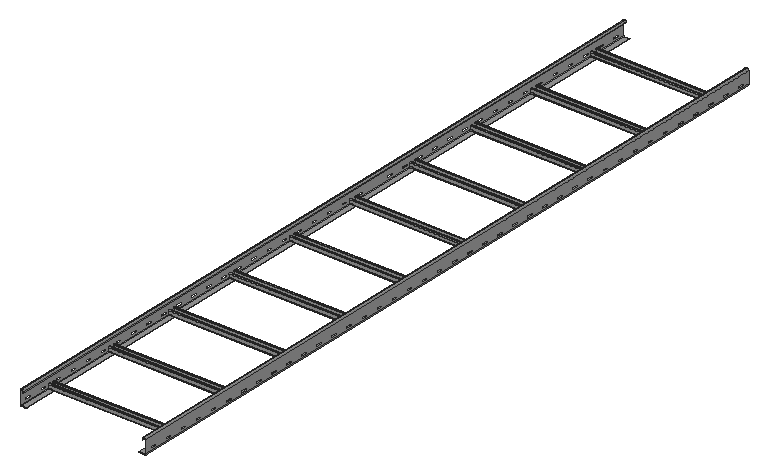
Revit family "LLIS 650 3 FS_FT Kabelleiter,gelocht", category Generic Models, Revit 2017 (continued)
Dimensions and locks
  locked: cut or joined group 1 (Extrusion 1, Extrusion 12, Extrusion 13, Extrusion 14, Extrusion 15, Extrusion 16, Extrusion 17, Extrusion 18, Extrusion 19, Extrusion 20, Extrusion 21, Extrusion 22, Extrusion 23, Extrusion 24, Extrusion 25, Extrusion 26, Extrusion 27, Extrusion 28, Extrusion 29, Extrusion 30, Extrusion 31, Extrusion 32, Extrusion 33, Extrusion 34, Extrusion 35, Extrusion 36, Extrusion 37, Extrusion 38, Extrusion 39, Extrusion 40, Extrusion 41, Extrusion 42, Extrusion 43, Extrusion 44, Extrusion 45, Extrusion 46, Extrusion 47, Extrusion 48, Extrusion 49, Extrusion 50, Extrusion 51, Extrusion 52, Extrusion 53, Extrusion 54, Extrusion 55, Extrusion 56, Extrusion 57, Extrusion 58, Extrusion 59, Extrusion 60, Extrusion 61, Extrusion 62, Extrusion 63, Extrusion 64, Extrusion 65, Extrusion 66, Extrusion 67, Extrusion 68, Extrusion 69, Extrusion 70, Extrusion 71, Extrusion 72, Extrusion 73, Extrusion 74, Extrusion 75, Extrusion 76, Extrusion 77, Extrusion 78, Extrusion 79, Extrusion 80, Extrusion 81, Extrusion 82, Extrusion 83, Extrusion 84, Extrusion 85, Extrusion 86, Extrusion 87, Extrusion 88, Extrusion 89, Extrusion 90, Extrusion 91) to cut or joined group 1 at 12
  cut or joined group 1 to cut or joined group 1 = 10 mm
  locked: Extrusion 53 sketch curve to Extrusion 53 sketch curve at 28
  locked: Extrusion 53 sketch curve to plane 142 at 14
  locked: Extrusion 53 sketch curve to Extrusion 53 sketch curve at 9
  locked: plane 141 to Extrusion 53 sketch curve at 4.5
  locked: Extrusion 54 sketch curve to Extrusion 54 sketch curve at 28
  locked: Extrusion 54 sketch curve to plane 144 at 14
  locked: Extrusion 54 sketch curve to Extrusion 54 sketch curve at 9
  locked: plane 143 to Extrusion 54 sketch curve at 4.5
  locked: Extrusion 55 sketch curve to Extrusion 55 sketch curve at 28
  locked: Extrusion 55 sketch curve to plane 146 at 14
  locked: Extrusion 55 sketch curve to Extrusion 55 sketch curve at 9
  locked: plane 145 to Extrusion 55 sketch curve at 4.5
  locked: Extrusion 56 sketch curve to Extrusion 56 sketch curve at 28
  locked: Extrusion 56 sketch curve to plane 148 at 14
  locked: Extrusion 56 sketch curve to Extrusion 56 sketch curve at 9
  locked: plane 147 to Extrusion 56 sketch curve at 4.5
  locked: Extrusion 57 sketch curve to Extrusion 57 sketch curve at 28
  locked: Extrusion 57 sketch curve to plane 150 at 14
  locked: Extrusion 57 sketch curve to Extrusion 57 sketch curve at 9
  locked: plane 149 to Extrusion 57 sketch curve at 4.5
  locked: Extrusion 58 sketch curve to Extrusion 58 sketch curve at 28
  locked: Extrusion 58 sketch curve to plane 152 at 14
  locked: Extrusion 58 sketch curve to Extrusion 58 sketch curve at 9
  locked: plane 151 to Extrusion 58 sketch curve at 4.5
  locked: Extrusion 59 sketch curve to Extrusion 59 sketch curve at 28
  locked: Extrusion 59 sketch curve to plane 154 at 14
  locked: Extrusion 59 sketch curve to Extrusion 59 sketch curve at 9
  locked: plane 153 to Extrusion 59 sketch curve at 4.5
  locked: Extrusion 60 sketch curve to Extrusion 60 sketch curve at 28
  locked: Extrusion 60 sketch curve to plane 156 at 14
  locked: Extrusion 60 sketch curve to Extrusion 60 sketch curve at 9
  locked: plane 155 to Extrusion 60 sketch curve at 4.5
  locked: Extrusion 61 sketch curve to Extrusion 61 sketch curve at 28
  locked: Extrusion 61 sketch curve to plane 158 at 14
  locked: Extrusion 61 sketch curve to Extrusion 61 sketch curve at 9
  locked: plane 157 to Extrusion 61 sketch curve at 4.5
  locked: Extrusion 62 sketch curve to Extrusion 62 sketch curve at 28
  locked: Extrusion 62 sketch curve to plane 160 at 14
  locked: Extrusion 62 sketch curve to Extrusion 62 sketch curve at 9
  locked: plane 159 to Extrusion 62 sketch curve at 4.5
  locked: Extrusion 63 sketch curve to Extrusion 63 sketch curve at 28
  locked: Extrusion 63 sketch curve to plane 162 at 14
  locked: Extrusion 63 sketch curve to Extrusion 63 sketch curve at 9
  locked: plane 161 to Extrusion 63 sketch curve at 4.5
  locked: Extrusion 64 sketch curve to Extrusion 64 sketch curve at 28
  locked: Extrusion 64 sketch curve to plane 164 at 14
  locked: Extrusion 64 sketch curve to Extrusion 64 sketch curve at 9
  locked: plane 163 to Extrusion 64 sketch curve at 4.5
  locked: Extrusion 65 sketch curve to Extrusion 65 sketch curve at 28
  locked: Extrusion 65 sketch curve to plane 166 at 14
  locked: Extrusion 65 sketch curve to Extrusion 65 sketch curve at 9
  locked: plane 165 to Extrusion 65 sketch curve at 4.5
  locked: Extrusion 66 sketch curve to Extrusion 66 sketch curve at 28
  locked: Extrusion 66 sketch curve to plane 168 at 14
  locked: Extrusion 66 sketch curve to Extrusion 66 sketch curve at 9
  locked: plane 167 to Extrusion 66 sketch curve at 4.5
  locked: Extrusion 67 sketch curve to Extrusion 67 sketch curve at 28
  locked: Extrusion 67 sketch curve to plane 170 at 14
  locked: Extrusion 67 sketch curve to Extrusion 67 sketch curve at 9
  locked: plane 169 to Extrusion 67 sketch curve at 4.5
  locked: Extrusion 68 sketch curve to Extrusion 68 sketch curve at 28
  locked: Extrusion 68 sketch curve to plane 172 at 14
  locked: Extrusion 68 sketch curve to Extrusion 68 sketch curve at 9
  locked: plane 171 to Extrusion 68 sketch curve at 4.5
  locked: Extrusion 69 sketch curve to Extrusion 69 sketch curve at 28
  locked: Extrusion 69 sketch curve to plane 174 at 14
  locked: Extrusion 69 sketch curve to Extrusion 69 sketch curve at 9
  locked: plane 173 to Extrusion 69 sketch curve at 4.5
  locked: Extrusion 70 sketch curve to Extrusion 70 sketch curve at 28
  locked: Extrusion 70 sketch curve to plane 176 at 14
  locked: Extrusion 70 sketch curve to Extrusion 70 sketch curve at 9
  locked: plane 175 to Extrusion 70 sketch curve at 4.5
  locked: Extrusion 71 sketch curve to Extrusion 71 sketch curve at 28
  locked: Extrusion 71 sketch curve to plane 178 at 14
  locked: Extrusion 71 sketch curve to Extrusion 71 sketch curve at 9
  locked: plane 177 to Extrusion 71 sketch curve at 4.5
  locked: Extrusion 72 sketch curve to Extrusion 72 sketch curve at 28
  locked: Extrusion 72 sketch curve to plane 180 at 14
  locked: Extrusion 72 sketch curve to Extrusion 72 sketch curve at 9
  locked: plane 179 to Extrusion 72 sketch curve at 4.5
  locked: Extrusion 73 sketch curve to Extrusion 73 sketch curve at 28
  locked: Extrusion 73 sketch curve to plane 182 at 14
  locked: Extrusion 73 sketch curve to Extrusion 73 sketch curve at 9
  locked: plane 181 to Extrusion 73 sketch curve at 4.5
  locked: Extrusion 74 sketch curve to Extrusion 74 sketch curve at 28
  locked: Extrusion 74 sketch curve to plane 184 at 14
  locked: Extrusion 74 sketch curve to Extrusion 74 sketch curve at 9
  locked: plane 183 to Extrusion 74 sketch curve at 4.5
  locked: Extrusion 75 sketch curve to Extrusion 75 sketch curve at 28
  locked: Extrusion 75 sketch curve to plane 186 at 14
  locked: Extrusion 75 sketch curve to Extrusion 75 sketch curve at 9
  locked: plane 185 to Extrusion 75 sketch curve at 4.5
  locked: Extrusion 76 sketch curve to Extrusion 76 sketch curve at 28
  locked: Extrusion 76 sketch curve to plane 188 at 14
  locked: Extrusion 76 sketch curve to Extrusion 76 sketch curve at 9
  locked: plane 187 to Extrusion 76 sketch curve at 4.5
  locked: Extrusion 77 sketch curve to Extrusion 77 sketch curve at 28
  locked: Extrusion 77 sketch curve to plane 190 at 14
  locked: Extrusion 77 sketch curve to Extrusion 77 sketch curve at 9
  locked: plane 189 to Extrusion 77 sketch curve at 4.5
  locked: Extrusion 78 sketch curve to Extrusion 78 sketch curve at 28
  locked: Extrusion 78 sketch curve to plane 192 at 14
  locked: Extrusion 78 sketch curve to Extrusion 78 sketch curve at 9
  locked: plane 191 to Extrusion 78 sketch curve at 4.5
  locked: Extrusion 79 sketch curve to Extrusion 79 sketch curve at 28
  locked: Extrusion 79 sketch curve to plane 194 at 14
  locked: Extrusion 79 sketch curve to Extrusion 79 sketch curve at 9
  locked: plane 193 to Extrusion 79 sketch curve at 4.5
  locked: Extrusion 80 sketch curve to Extrusion 80 sketch curve at 28
  locked: Extrusion 80 sketch curve to plane 196 at 14
  locked: Extrusion 80 sketch curve to Extrusion 80 sketch curve at 9
  locked: plane 195 to Extrusion 80 sketch curve at 4.5
  locked: Extrusion 81 sketch curve to Extrusion 81 sketch curve at 28
  locked: Extrusion 81 sketch curve to plane 198 at 14
  locked: Extrusion 81 sketch curve to Extrusion 81 sketch curve at 9
  locked: plane 197 to Extrusion 81 sketch curve at 4.5
  locked: Extrusion 82 sketch curve to Extrusion 82 sketch curve at 28
  locked: Extrusion 82 sketch curve to plane 200 at 14
  locked: Extrusion 82 sketch curve to Extrusion 82 sketch curve at 9
  locked: plane 199 to Extrusion 82 sketch curve at 4.5
  locked: Extrusion 83 sketch curve to Extrusion 83 sketch curve at 28
  locked: Extrusion 83 sketch curve to plane 202 at 14
  locked: Extrusion 83 sketch curve to Extrusion 83 sketch curve at 9
  locked: plane 201 to Extrusion 83 sketch curve at 4.5
  locked: Extrusion 84 sketch curve to Extrusion 84 sketch curve at 28
  locked: Extrusion 84 sketch curve to plane 204 at 14
  locked: Extrusion 84 sketch curve to Extrusion 84 sketch curve at 9
  locked: plane 203 to Extrusion 84 sketch curve at 4.5
  locked: Extrusion 85 sketch curve to Extrusion 85 sketch curve at 28
  locked: Extrusion 85 sketch curve to plane 206 at 14
  locked: Extrusion 85 sketch curve to Extrusion 85 sketch curve at 9
  locked: plane 205 to Extrusion 85 sketch curve at 4.5
  locked: Extrusion 86 sketch curve to Extrusion 86 sketch curve at 28
  locked: Extrusion 86 sketch curve to plane 208 at 14
  locked: Extrusion 86 sketch curve to Extrusion 86 sketch curve at 9
  locked: plane 207 to Extrusion 86 sketch curve at 4.5
  locked: Extrusion 87 sketch curve to Extrusion 87 sketch curve at 28
  locked: Extrusion 87 sketch curve to plane 210 at 14
  locked: Extrusion 87 sketch curve to Extrusion 87 sketch curve at 9
  locked: plane 209 to Extrusion 87 sketch curve at 4.5
  locked: Extrusion 88 sketch curve to Extrusion 88 sketch curve at 28
  locked: Extrusion 88 sketch curve to plane 212 at 14
  locked: Extrusion 88 sketch curve to Extrusion 88 sketch curve at 9
  locked: plane 211 to Extrusion 88 sketch curve at 4.5
  locked: Extrusion 89 sketch curve to Extrusion 89 sketch curve at 28
  locked: Extrusion 89 sketch curve to plane 214 at 14
  locked: Extrusion 89 sketch curve to Extrusion 89 sketch curve at 9
  locked: plane 213 to Extrusion 89 sketch curve at 4.5
  locked: Extrusion 90 sketch curve to Extrusion 90 sketch curve at 28
  locked: Extrusion 90 sketch curve to plane 216 at 14
  locked: Extrusion 90 sketch curve to Extrusion 90 sketch curve at 9
  locked: plane 215 to Extrusion 90 sketch curve at 4.5
  locked: Extrusion 91 sketch curve to Extrusion 91 sketch curve at 28
  locked: Extrusion 91 sketch curve to plane 218 at 14
  locked: Extrusion 91 sketch curve to Extrusion 91 sketch curve at 9
  locked: plane 217 to Extrusion 91 sketch curve at 4.5
  aligned and locked: level to plane 2
  aligned and locked: plane 8 to Extrusion 1 sketch curve
  aligned and locked: plane 11 to plane 10
  aligned and locked: plane 9 to Extrusion 1 sketch curve
  aligned and locked: plane 12 to Extrusion 1
  aligned and locked: plane 17 to Extrusion 2
  aligned and locked: Extrusion 2 to plane 18
  aligned and locked: plane 57 to cut or joined group 1
  aligned and locked: cut or joined group 1 to cut or joined group 1  (x44)
  aligned and locked: Extrusion 1 to Extrusion 52  (x2)
  aligned and locked: cut or joined group 1 to plane 58
Automatic sketch dimensions
  Extrusion 1 sketch curve to Extrusion 1 sketch curve = 0 mm  (x5)
  Extrusion 1 sketch curve to plane 7 = 0.717 mm
  Extrusion 1 sketch curve to plane 10 = 1.494 mm
  Extrusion 1 sketch curve to Extrusion 1 sketch curve = 1 mm  (x2)
  Extrusion 1 sketch curve to plane 7 = 15.028 mm
  Extrusion 1 sketch curve to plane 3 "Center (Left/Right)" = 300 mm
  Extrusion 2 sketch curve to Extrusion 2 sketch curve = 0 mm  (x9)
  Extrusion 2 sketch curve to plane 14 = 0 mm
  Extrusion 2 sketch curve to plane 16 = 0 mm  (x2)
  Extrusion 2 sketch curve to plane 15 = 0 mm
  plane 14 to Extrusion 2 sketch curve = 1 mm
  plane 14 to Extrusion 2 sketch curve = 2 mm
  Extrusion 2 sketch curve to Extrusion 2 sketch curve = 1 mm  (x3)
  Extrusion 2 sketch curve to Extrusion 2 sketch curve = 4.517 mm
  Extrusion 2 sketch curve to Extrusion 2 sketch curve = 5.5 mm
  Extrusion 2 sketch curve to Extrusion 2 sketch curve = 14 mm
  Extrusion 3 sketch curve to Extrusion 3 sketch curve = 0 mm  (x9)
  Extrusion 3 sketch curve to plane 22 = 0 mm
  Extrusion 3 sketch curve to plane 24 = 0 mm  (x2)
  Extrusion 3 sketch curve to plane 23 = 0 mm
  plane 22 to Extrusion 3 sketch curve = 1 mm
  plane 22 to Extrusion 3 sketch curve = 2 mm
  Extrusion 3 sketch curve to Extrusion 3 sketch curve = 1 mm  (x3)
  Extrusion 3 sketch curve to Extrusion 3 sketch curve = 4.517 mm
  Extrusion 3 sketch curve to Extrusion 3 sketch curve = 5.5 mm
  Extrusion 3 sketch curve to Extrusion 3 sketch curve = 14 mm
  Extrusion 4 sketch curve to Extrusion 4 sketch curve = 0 mm  (x9)
  Extrusion 4 sketch curve to plane 26 = 0 mm
  Extrusion 4 sketch curve to plane 28 = 0 mm  (x2)
  Extrusion 4 sketch curve to plane 27 = 0 mm
  plane 26 to Extrusion 4 sketch curve = 1 mm
  plane 26 to Extrusion 4 sketch curve = 2 mm
  Extrusion 4 sketch curve to Extrusion 4 sketch curve = 1 mm  (x3)
  Extrusion 4 sketch curve to Extrusion 4 sketch curve = 4.517 mm
  Extrusion 4 sketch curve to Extrusion 4 sketch curve = 5.5 mm
  Extrusion 4 sketch curve to Extrusion 4 sketch curve = 14 mm
  Extrusion 5 sketch curve to Extrusion 5 sketch curve = 0 mm  (x9)
  Extrusion 5 sketch curve to plane 30 = 0 mm
  Extrusion 5 sketch curve to plane 32 = 0 mm  (x2)
  Extrusion 5 sketch curve to plane 31 = 0 mm
  plane 30 to Extrusion 5 sketch curve = 1 mm
  plane 30 to Extrusion 5 sketch curve = 2 mm
  Extrusion 5 sketch curve to Extrusion 5 sketch curve = 1 mm  (x3)
  Extrusion 5 sketch curve to Extrusion 5 sketch curve = 4.517 mm
  Extrusion 5 sketch curve to Extrusion 5 sketch curve = 5.5 mm
  Extrusion 5 sketch curve to Extrusion 5 sketch curve = 14 mm
  Extrusion 6 sketch curve to Extrusion 6 sketch curve = 0 mm  (x9)
  Extrusion 6 sketch curve to plane 34 = 0 mm
  Extrusion 6 sketch curve to plane 36 = 0 mm  (x2)
  Extrusion 6 sketch curve to plane 35 = 0 mm
  plane 34 to Extrusion 6 sketch curve = 1 mm
  plane 34 to Extrusion 6 sketch curve = 2 mm
  Extrusion 6 sketch curve to Extrusion 6 sketch curve = 1 mm  (x3)
  Extrusion 6 sketch curve to Extrusion 6 sketch curve = 4.517 mm
  Extrusion 6 sketch curve to Extrusion 6 sketch curve = 5.5 mm
  Extrusion 6 sketch curve to Extrusion 6 sketch curve = 14 mm
  Extrusion 7 sketch curve to Extrusion 7 sketch curve = 0 mm  (x9)
  Extrusion 7 sketch curve to plane 38 = 0 mm
  Extrusion 7 sketch curve to plane 40 = 0 mm  (x2)
  Extrusion 7 sketch curve to plane 39 = 0 mm
  plane 38 to Extrusion 7 sketch curve = 1 mm
  plane 38 to Extrusion 7 sketch curve = 2 mm
  Extrusion 7 sketch curve to Extrusion 7 sketch curve = 1 mm  (x3)
  Extrusion 7 sketch curve to Extrusion 7 sketch curve = 4.517 mm
  Extrusion 7 sketch curve to Extrusion 7 sketch curve = 5.5 mm
  Extrusion 7 sketch curve to Extrusion 7 sketch curve = 14 mm
  Extrusion 8 sketch curve to Extrusion 8 sketch curve = 0 mm  (x9)
  Extrusion 8 sketch curve to plane 42 = 0 mm
  Extrusion 8 sketch curve to plane 44 = 0 mm  (x2)
  Extrusion 8 sketch curve to plane 43 = 0 mm
  plane 42 to Extrusion 8 sketch curve = 1 mm
  plane 42 to Extrusion 8 sketch curve = 2 mm
  Extrusion 8 sketch curve to Extrusion 8 sketch curve = 1 mm  (x3)
  Extrusion 8 sketch curve to Extrusion 8 sketch curve = 4.517 mm
  Extrusion 8 sketch curve to Extrusion 8 sketch curve = 5.5 mm
  Extrusion 8 sketch curve to Extrusion 8 sketch curve = 14 mm
  Extrusion 9 sketch curve to Extrusion 9 sketch curve = 0 mm  (x9)
  Extrusion 9 sketch curve to plane 46 = 0 mm
  Extrusion 9 sketch curve to plane 48 = 0 mm  (x2)
  Extrusion 9 sketch curve to plane 47 = 0 mm
  plane 46 to Extrusion 9 sketch curve = 1 mm
  plane 46 to Extrusion 9 sketch curve = 2 mm
  Extrusion 9 sketch curve to Extrusion 9 sketch curve = 1 mm  (x3)
  Extrusion 9 sketch curve to Extrusion 9 sketch curve = 4.517 mm
  Extrusion 9 sketch curve to Extrusion 9 sketch curve = 5.5 mm
  Extrusion 9 sketch curve to Extrusion 9 sketch curve = 14 mm
  Extrusion 10 sketch curve to Extrusion 10 sketch curve = 0 mm  (x9)
  Extrusion 10 sketch curve to plane 50 = 0 mm
  Extrusion 10 sketch curve to plane 52 = 0 mm  (x2)
  Extrusion 10 sketch curve to plane 51 = 0 mm
  plane 50 to Extrusion 10 sketch curve = 1 mm
  plane 50 to Extrusion 10 sketch curve = 2 mm
  Extrusion 10 sketch curve to Extrusion 10 sketch curve = 1 mm  (x3)
  Extrusion 10 sketch curve to Extrusion 10 sketch curve = 4.517 mm
  Extrusion 10 sketch curve to Extrusion 10 sketch curve = 5.5 mm
  Extrusion 10 sketch curve to Extrusion 10 sketch curve = 14 mm
  Extrusion 11 sketch curve to Extrusion 11 sketch curve = 0 mm  (x9)
  Extrusion 11 sketch curve to plane 54 = 0 mm
  Extrusion 11 sketch curve to plane 56 = 0 mm  (x2)
  Extrusion 11 sketch curve to plane 55 = 0 mm
  plane 54 to Extrusion 11 sketch curve = 1 mm
  plane 54 to Extrusion 11 sketch curve = 2 mm
  Extrusion 11 sketch curve to Extrusion 11 sketch curve = 1 mm  (x3)
  Extrusion 11 sketch curve to Extrusion 11 sketch curve = 4.517 mm
  Extrusion 11 sketch curve to Extrusion 11 sketch curve = 5.5 mm
  Extrusion 11 sketch curve to Extrusion 11 sketch curve = 14 mm
Types (3, lengths in mm): name | Material | Manufacturer Art.No. | GTIN | Article Type
  (no name) | Hot dip galvanised | "6209576" | "4012196773152" | "LLIS 650 3 FT"
  LLIS 650 3 FS | Strip galvanised | "6209556" | "4012196772612" | "LLIS 650 3 FS"
  LLIS 650 3 FT | Hot dip galvanised | "6209576" | "4012196773152" | "LLIS 650 3 FT"
